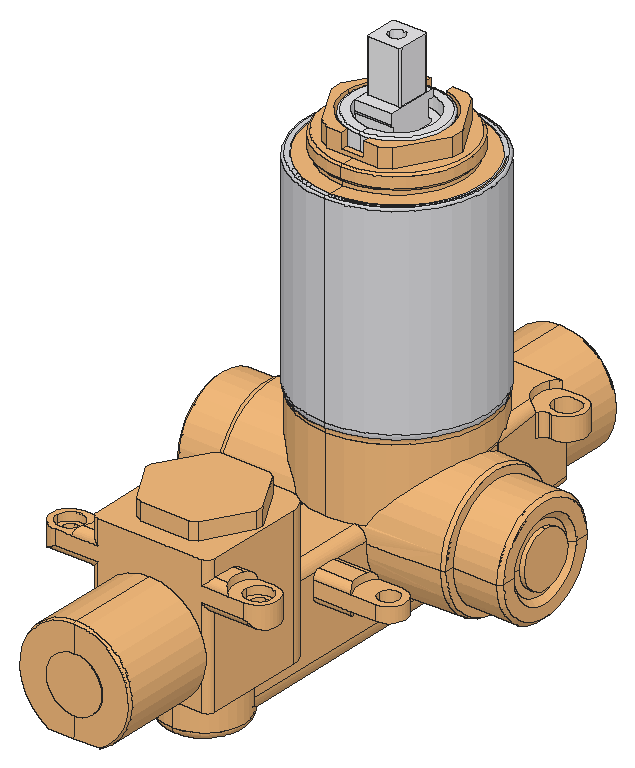
Revit family "Shower-VALVE-KOHLER-K-880T_1", category Plumbing Fixtures, host Face, Revit 2017 (continued)
Definition of nested family "K-880T"
  Lines and regions (in)
    symbolic lines, detail levels medium+fine
      curve 129: arc (0.95629, -0.4523, 0) -> (0.90101, -0.49935, 0) -> (0.83632, -0.5323, 0) r 0.31096
      curve 130: arc (0.83632, 0.21631, 0) -> (0.86874, 0.18299, 0) -> (0.88139, 0.13825, 0) r 0.0947
      curve 131: line (0.88139, 0.13825, 0) -> (0.88139, -0.40048, 0)
      curve 132: arc (0.88139, -0.40048, 0) -> (0.89656, -0.43712, 0) -> (0.93321, -0.4523, 0) r 0.05182
      curve 133: arc (0.83632, -0.5323, 0) -> (0.86075, -0.46704, 0) -> (0.88139, -0.40048, 0) r 1.21119
      curve 134: line (1.00394, -0.4523, 0) -> (1.00394, -0.68852, 0)
      curve 135: line (-0.94489, -0.75449, 0) -> (-0.88019, -0.75449, 0)
      curve 136: arc (-0.82677, -0.76726, 0) -> (-0.89496, -0.74559, 0) -> (-0.93813, -0.68852, 0) r 0.11811
      curve 137: line (-0.82677, -0.76726, 0) -> (0.82677, -0.76726, 0)
      curve 138: arc (0.93813, -0.68852, 0) -> (0.89496, -0.74559, 0) -> (0.82677, -0.76726, 0) r 0.11811
      curve 139: arc (-0.82677, -0.76726, 0) -> (-0.84456, -0.72319, 0) -> (-0.87707, -0.68852, 0) r 0.12927
      curve 140: arc (0.82677, -0.76726, 0) -> (0.84456, -0.72319, 0) -> (0.87707, -0.68852, 0) r 0.12927
      curve 141: line (0.94489, -0.75449, 0) -> (0.88019, -0.75449, 0)
      curve 142: line (1.69288, 0.59056, 0) -> (1.69288, -0.59056, 0)
      curve 143: line (0, 0.59055, 6.461) -> (0, -0.59055, 6.461)
      curve 144: line (0, -0.63166, 5.55118) -> (0, 0.63166, 5.55118)
      curve 145: line (0, -0.4523, 5.0335) -> (0, -0.4523, 5.49213)
      curve 146: line (0, -0.68852, 5.0335) -> (0, -0.68852, 5.49213)
      curve 147: line (0, -0.68852, 5.0335) -> (0, -0.4523, 5.0335)
      curve 148: spline (0, -0.75872, 5.04698) -> (0, -0.75553, 5.04494) -> (0, -0.75172, 5.04305) -> (0, -0.74732, 5.04133) -> (0, -0.74237, 5.0398) -> (0, -0.7369, 5.03845) -> (0, -0.73097, 5.03731) -> (0, -0.72462, 5.03639) -> (0, -0.71791, 5.03569) -> (0, -0.71088, 5.03521) -> (0, -0.70359, 5.03497) -> (0, -0.69612, 5.03496) -> (0, -0.68851, 5.03518)
      curve 149: line (0, -0.76726, 5.49213) -> (0, -0.76726, 5.07682)
      curve 150: line (0, -0.63166, 5.49213) -> (0, 0.27021, 5.49213)
      curve 151: line (0, 0.21699, 5.49213) -> (0, 0.21699, 4.76634)
      curve 152: line (0, 0.27021, 5.49213) -> (0, 0.27021, 4.74584)
      curve 153: line (0, -0.4523, 5.09843) -> (0, -0.68852, 5.09843)
      curve 154: line (0, -3.75939, 4.4941) -> (0, -3.75939, 4.11417)
      curve 155: line (0, -4.31057, 4.44852) -> (0, -3.75939, 4.44852)
      curve 156: line (0, -4.31057, 4.13386) -> (0, -3.75939, 4.13386)
      curve 157: line (0, -3.59403, 4.45669) -> (0, -3.59403, 3.99606)
      curve 158: line (0, -3.39718, 4.23043) -> (0, -3.59403, 4.23043)
      curve 159: line (0, -3.39718, 4.35225) -> (0, -3.59403, 4.35225)
      curve 160: line (0, -3.39718, 4.82098) -> (0, -3.59403, 4.82098)
      curve 161: line (0, -3.39718, 3.7617) -> (0, -3.59403, 3.7617)
      curve 162: line (0, -3.37521, 3.54327) -> (0, -3.37521, 5.03941)
      curve 163: line (0, -3.25943, 3.54327) -> (0, -3.25943, 5.03941)
      curve 164: line (0, -3.22986, 3.57284) -> (0, -3.22986, 5.00984)
      curve 165: line (0, -3.18852, 5.23331) -> (0, -3.18852, 3.34937)
      curve 166: line (0, -3.39718, 5.01744) -> (0, -3.39718, 3.56524)
      curve 167: line (0, -0.98258, 3.33666) -> (0, -0.98258, 5.24601)
      curve 168: line (0, -3.16526, 5.25591) -> (0, -3.16526, 3.32677)
      curve 169: line (0, -1.0415, 5.25591) -> (0, -1.0415, 3.32677)
      curve 170: line (0, -0.9412, 5.23591) -> (0, -0.9412, 3.34677)
      curve 171: arc (0, 0, 4.45374) -> (0, -0.35925, 4.09449) -> (0, 0, 3.73524) r 0.35925
      curve 172: arc (0, 0, 4.5128) -> (0, -0.41831, 4.09449) -> (0, 0, 3.67618) r 0.41831
      curve 173: arc (0, 0, 4.64564) -> (0, -0.55116, 4.09449) -> (0, 0, 3.54333) r 0.55116
      curve 174: arc (0, 0, 3.50393) -> (0, -0.59056, 4.09449) -> (0, 0, 4.68505) r 0.59056
      curve 175: arc (0, 0, 4.76894) -> (0, -0.67445, 4.09449) -> (0, 0, 3.42004) r 0.67445
      curve 176: line (0, -0.13734, 3.34645) -> (0, -0.13734, 3.43417)
      curve 177: arc (0, -0.13734, 3.39205) -> (0, -0.69787, 4.15934) -> (0, 0, 4.80425) r 0.71415
      curve 178: arc (0, 0, 4.45374) -> (0, 0.35925, 4.09449) -> (0, 0, 3.73524) r 0.35925
      curve 179: arc (0, 0, 4.5128) -> (0, 0.41831, 4.09449) -> (0, 0, 3.67618) r 0.41831
      curve 180: arc (0, 0, 4.64564) -> (0, 0.55116, 4.09449) -> (0, 0, 3.54333) r 0.55116
      curve 181: arc (0, 0, 3.50393) -> (0, 0.59056, 4.09449) -> (0, 0, 4.68505) r 0.59056
      curve 182: arc (0, 0, 4.76894) -> (0, 0.67445, 4.09449) -> (0, 0, 3.42004) r 0.67445
      curve 183: arc (0, -0.0199, 3.37609) -> (0, 0.70115, 4.08026) -> (0, 0, 4.80425) r 0.71415
      curve 184: line (0, -0.0199, 3.42033) -> (0, -0.0199, 3.00323)
      curve 185: line (0, -0.13734, 2.36221) -> (0, 0.51227, 2.36221)
      curve 186: line (0, 0.51227, 2.36221) -> (0, 0.51227, 1.00394)
      curve 187: line (0, 0.51227, 1.00394) -> (0, -0.94443, 1.00394)
      curve 188: line (0, -0.76828, 1.31737) -> (0, -0.76828, 1.0825)
      curve 189: line (0, -0.68852, 1.00394) -> (0, -0.68852, 1.39764)
      curve 190: arc (0, -0.76828, 1.31737) -> (0, -0.74495, 1.37395) -> (0, -0.68852, 1.39764) r 0.08027
      curve 191: arc (0, -0.68972, 1.00394) -> (0, -0.74527, 1.02695) -> (0, -0.76828, 1.0825) r 0.07856
      curve 192: line (0, -0.53192, 1.39764) -> (0, -0.68852, 1.39764)
      curve 193: spline (0, -0.53206, 1.39664) -> (0, -0.5231, 1.39716) -> (0, -0.51439, 1.39635) -> (0, -0.50599, 1.39423) -> (0, -0.49794, 1.39081) -> (0, -0.49031, 1.3861) -> (0, -0.48314, 1.38015) -> (0, -0.47649, 1.37298) -> (0, -0.47039, 1.36466) -> (0, -0.46488, 1.35522) -> (0, -0.46001, 1.34474) -> (0, -0.45581, 1.33328) -> (0, -0.4523, 1.32093)
      curve 194: line (0, -0.4523, 1.08268) -> (0, -0.4523, 1.32093)
      curve 195: arc (0, -0.4523, 1.08268) -> (0, -0.47536, 1.027) -> (0, -0.53104, 1.00394) r 0.07874
      curve 196: line (0, -0.94443, 2.36221) -> (0, -0.94443, 1.00394)
      curve 197: line (0, -0.94443, 2.22346) -> (0, -1.12159, 2.22346)
      curve 198: line (0, -0.94443, 1.24111) -> (0, -1.12159, 1.24111)
      curve 199: line (0, -0.94443, 1.69393) -> (0, -1.12159, 1.69393)
      curve 200: line (0, -0.94443, 1.77063) -> (0, -1.12159, 1.77063)
      curve 201: line (0, -0.03891, 2.95143) -> (0, -0.03891, 2.75591)
      curve 202: arc (0, 0.03983, 2.67717) -> (0, -0.01585, 2.70023) -> (0, -0.03891, 2.75591) r 0.07875
      curve 203: line (0, 0.03983, 2.67717) -> (0, 0.19922, 2.67717)
      curve 204: arc (0, 0.27605, 2.75399) -> (0, 0.25355, 2.69967) -> (0, 0.19922, 2.67717) r 0.07682
      curve 205: line (0, 0.27605, 2.75399) -> (0, 0.27605, 2.95419)
      curve 206: arc (0, 0.19874, 3.0315) -> (0, 0.2534, 3.00885) -> (0, 0.27605, 2.95419) r 0.07731
      curve 207: line (0, 0.19874, 3.0315) -> (0, 0.04115, 3.0315)
      curve 208: arc (0, -0.03891, 2.95143) -> (0, -0.01546, 3.00805) -> (0, 0.04115, 3.0315) r 0.08006
      curve 209: line (0, 0.03983, 2.67717) -> (0, 0.03983, 3.0315)
      curve 210: line (0, 0.20006, 3.0315) -> (0, 0.20006, 2.67717)
      curve 211: line (0, -0.0199, 2.7046) -> (0, -0.0199, 2.36221)
      curve 212: line (0, -0.59009, 0.03939) -> (0, 0.51219, 0.03939)
      curve 213: line (0, -0.75872, 5.04698) -> (0, -0.76726, 5.07682)
      curve 214: arc (0.08162, 0, 4.29183) -> (-0.00106, 0, 4.3745) -> (-0.08373, 0, 4.29183) r 0.08268
      curve 215: arc (-0.08373, 0, 4.29183) -> (-0.00106, 0, 4.20915) -> (0.08162, 0, 4.29183) r 0.08268
      curve 216: line (0.17717, 0, 4.13386) -> (0.17717, 0, 4.44882)
      curve 217: line (-0.15748, 0, 4.11417) -> (0.15748, 0, 4.11417)
      curve 218: line (0.15748, 0, 4.4685) -> (-0.15718, 0, 4.4685)
      curve 219: line (-0.17717, 0, 4.44852) -> (-0.17717, 0, 4.13386)
      curve 220: arc (-0.17717, 0, 4.13386) -> (-0.1714, 0, 4.11994) -> (-0.15748, 0, 4.11417) r 0.01969
      curve 221: arc (0.15748, 0, 4.11417) -> (0.1714, 0, 4.11994) -> (0.17717, 0, 4.13386) r 0.01969
      curve 222: arc (0.17717, 0, 4.44882) -> (0.1714, 0, 4.46274) -> (0.15748, 0, 4.4685) r 0.01969
      curve 223: arc (-0.15718, 0, 4.4685) -> (-0.17131, 0, 4.46265) -> (-0.17717, 0, 4.44852) r 0.01999
      curve 224: line (0.19685, 0, 4.51969) -> (-0.19685, 0, 4.51969)
      curve 225: line (-0.19685, 0, 4.51969) -> (-0.19685, 0, 3.97244)
      curve 226: line (-0.19685, 0, 3.97244) -> (0.19685, 0, 3.97244)
      curve 227: line (0.19685, 0, 3.97244) -> (0.19685, 0, 4.51969)
      curve 228: arc (0, 0, 3.90322) -> (0.38812, 0, 4.29134) -> (0, 0, 4.67946) r 0.38812
      curve 229: arc (0, 0, 4.67946) -> (-0.38812, 0, 4.29134) -> (0, 0, 3.90322) r 0.38812
      curve 230: arc (0, 0, 3.79007) -> (0.50127, 0, 4.29134) -> (0, 0, 4.79261) r 0.50127
      curve 231: arc (0, 0, 4.79261) -> (-0.50127, 0, 4.29134) -> (0, 0, 3.79007) r 0.50127
      curve 232: arc (0.52877, 0, 4.29134) -> (0, 0, 3.76257) -> (-0.52877, 0, 4.29134) r 0.52877
      curve 233: arc (-0.52877, 0, 4.29134) -> (0, 0, 4.82011) -> (0.52877, 0, 4.29134) r 0.52877
      curve 234: line (0.11811, 0, 3.70079) -> (0.11811, 0, 3.77593)
      curve 235: line (-0.11811, 0, 3.77593) -> (-0.11811, 0, 3.70079)
      curve 236: line (-0.27062, 0, 3.70079) -> (0.27062, 0, 3.70079)
      curve 237: arc (-0.37612, 0, 3.7617) -> (-0.32479, 0, 3.72878) -> (-0.27062, 0, 3.70079) r 0.65421
      curve 238: line (-0.64674, 0, 4.23043) -> (-0.37612, 0, 3.7617)
      curve 239: line (-0.37612, 0, 4.82098) -> (-0.64674, 0, 4.35225)
      curve 240: arc (-0.64674, 0, 4.35225) -> (-0.64964, 0, 4.29134) -> (-0.64674, 0, 4.23043) r 0.64125
      curve 241: arc (0.27062, 0, 3.70079) -> (0.32479, 0, 3.72878) -> (0.37612, 0, 3.7617) r 0.65421
      curve 242: line (0.37612, 0, 3.7617) -> (0.64674, 0, 4.23043)
      curve 243: arc (0.64674, 0, 4.23043) -> (0.64964, 0, 4.29134) -> (0.64674, 0, 4.35225) r 0.64125
      curve 244: line (0.64674, 0, 4.35225) -> (0.37612, 0, 4.82098)
      curve 245: arc (0.37612, 0, 4.82098) -> (0.3248, 0, 4.85392) -> (0.27062, 0, 4.88189) r 0.64924
      curve 246: line (0.27062, 0, 4.88189) -> (-0.27062, 0, 4.88189)
      curve 247: arc (-0.27062, 0, 4.88189) -> (-0.3248, 0, 4.85392) -> (-0.37612, 0, 4.82098) r 0.64924
      curve 248: line (-0.11811, 0, 4.88189) -> (-0.11811, 0, 4.80675)
      curve 249: line (0.11811, 0, 4.80675) -> (0.11811, 0, 4.88189)
      curve 250: arc (0, 0, 5.01744) -> (0.7261, 0, 4.29134) -> (0, 0, 3.56524) r 0.7261
      curve 251: arc (0, 0, 3.56524) -> (-0.7261, 0, 4.29134) -> (0, 0, 5.01744) r 0.7261
      curve 252: arc (0, 0, 3.54327) -> (0.74807, 0, 4.29134) -> (0, 0, 5.03941) r 0.74807
      curve 253: arc (0, 0, 5.03941) -> (-0.74807, 0, 4.29134) -> (0, 0, 3.54327) r 0.74807
      curve 254: arc (0, 0, 3.34645) -> (0.94489, 0, 4.29134) -> (0, 0, 5.23623) r 0.94489
      curve 255: arc (0, 0, 5.23623) -> (-0.94489, 0, 4.29134) -> (0, 0, 3.34645) r 0.94489
    symbolic lines, detail levels coarse
      curve 256: line (-0.8129, 0.43169, 0) -> (0.7619, 0.43169, 0)
      curve 257: arc (0.7619, 0.43169, 0) -> (-0.0255, 0.79269, 0) -> (-0.8129, 0.43169, 0) r 1.03922
      curve 258: line (0, 0.43169, 0) -> (0, 0, 0)
      curve 259: line (0, 0, 0) -> (-0.42321, 0.21564, 0)
      curve 260: line (-0.42321, 0.21564, 0) -> (-0.42321, -0.21564, 0)
      curve 261: line (0, 0, 0) -> (-0.42321, -0.21564, 0)
      curve 262: line (0, 0, 0) -> (0.42321, 0.21564, 0)
      curve 263: line (0.42321, 0.21564, 0) -> (0.42321, -0.21564, 0)
      curve 264: line (0, 0, 0) -> (0.42321, -0.21564, 0)
  Dimensions and locks (in)
    plane 6 to plane 5 = 3.46457"
    plane 1 "Center (Front/Back)" to plane 7 = 1.02362"
    cut or joined group 1 (Extrusion 30, Extrusion 35, Extrusion 44, Extrusion 45, Extrusion 46, Extrusion 47, Revolve 48, Revolve 49, Extrusion 50) to plane 11 = 3.18898"
    plane 15 to plane 13 = 2 1/2"
    aligned and locked: plane 2 to level
    aligned and locked: plane 13 to cut or joined group 1
Types (7): name | Type | Product Page URL | Model | Finish
  (no name) | 1 | "https://www.kohler.com.cn/product/K-880T-CP/K-880T-CP/" | "K-880T-CP" | Kohler-Metal-CP-Polished_Chrome
  CP- Polished Chrome | 1 | "https://www.kohler.com.cn/product/K-880T-CP/K-880T-CP/" | "K-880T-CP" | Kohler-Metal-CP-Polished_Chrome
  SN-Vibrant Polished Nickel | 3 | "https://www.kohler.com.cn/product/K-880T-CP/K-880T-SN/" | "K-880T-SN" | Kohler-Metal-SN-Vibrant_Polished_Nickel
  BN-Brushed Nickel | 4 | "https://www.kohler.com.cn/product/K-880T-CP/K-880T-BN/" | "K-880T-BN" | Kohler-Metal-BN-Vibrant_Brushed_Nickel
  BV-Brushed Bronze | 5 | "https://www.kohler.com.cn/product/K-880T-CP/K-880T-BV/" | "K-880T-BV" | Kohler-Metal-BV-Brushed_Bronze
  AF-French Gold | 2 | "https://www.kohler.com.cn/product/K-880T-CP/K-880T-AF/" | "K-880T-AF" | Kohler-Metal-AF-Vibrant_French_Gold
  2BZ-Oil Rubbed Bronze | 6 | "https://www.kohler.com.cn/product/K-880T-CP/K-880T-2BZ/" | "K-880T-2BZ" | Kohler-Metal-2BZ-Oil_Rubbed_Bronze
